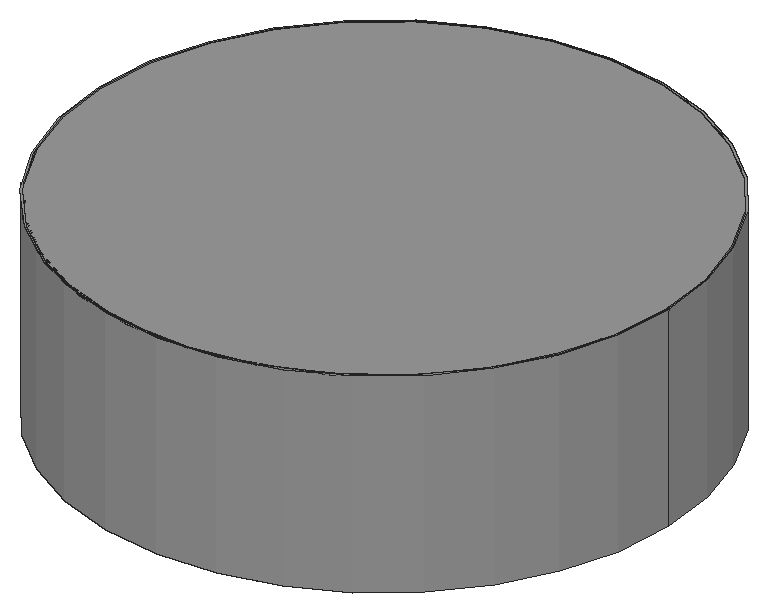
Revit family "Artemide_Tagora_Ceiling_570", category Apparecchi per illuminazione, Revit 2018
Family settings
  Quota connettore circolare = Usa diametro
  Tipo di parte = Normale
  Basato su piano di lavoro = Sì
  Sempre verticale = Sì
  Taglio con vuoti quando caricato = No
  Sorgente d'illuminazione = Sì
  Condiviso = No
  Punto di calcolo locali = No
Parameters
  Wattage = 58 W
  built-in parameter 1150110 = 1 (stored number, unit not read)
  Voltage = "-"
  built-in parameter 1114217 = 1 (stored number, unit not read)
  Tilt Angle = 90.00°
  built-in parameter 1150109 = 1 (stored number, unit not read)
  built-in parameter 1150134 = 12
  built-in parameter 1150113 = 1 (stored number, unit not read)
  Radius_InternalCylinder = Radius_ExternalCyilinder - 2 mm  # 283 mm
  Radius_ExternalCyilinder = 285 mm
  Product Range = "Tagora"
  File diagramma fotometrico = "M248321.IES"
  Max Height from ceiling = 0 mm
  M_HousingCylinder = Artemide_Aluminum_Beige
  M_Housing = Artemide_Aluminum_White
  M_Diffuser = Artemide_Glass_LightBulb
  built-in parameter 1150105 = 303.98 (stored number, unit not read)
  Lumens = 3819.88 lm
  built-in parameter 1150115 = 1 (stored number, unit not read)
  built-in parameter 1150137 = (empty or 0)
  built-in parameter 1150139 = (empty or 0)
  built-in parameter 1150112 = 1 (stored number, unit not read)
  built-in parameter 1150114 = 1 (stored number, unit not read)
  built-in parameter 1150132 = (empty or 0)
  built-in parameter 1150102 = (empty or 0)
  built-in parameter 1150107 = 4000 (stored number, unit not read)
  built-in parameter 1150138 = (empty or 0)
  built-in parameter 1150106 = 3.0398 (stored number, unit not read)
  IfcExportType = "NOT DEFINED"  # constant formula
  IfcExportAs = "IfcLightFixtureType"  # constant formula
  Weekly = "-"
  Warranty ID = "https://cloud.artemide.com/5-years-warranty"
  Upward Component  = 0
  Unified Glare Rating  = "-"
  Uniclass 2015 = "Pr_70_70_48"  # constant formula
  URL to O&M Manual = "https://www.artemide.com/contents/documenti/prodotto/tagora_soffitto_570_instructions2492521.pdf"
  URL to Energy Technology List = "-"
  Total Power = 0
  Total Light Output  = 0
  Testing method = "-"
  Supply Phase = 0
  Suitable for Photocell Control = "-"
  Suitable for Motion Detector Control = "N"
  Suitable for Dimming  = "Y"
  Suitable Dimmer Type = "DALI"
  Standards = "-"
  Shipping Weight = 0
  Service life  = "-"
  Secondary Rated Lamp Life = 0
  Secondary Lamp Voltage = 0
  Secondary Lamp International Type Code = "-"
  Secondary Lamp Initial Lumens  = 0
  Secondary Lamp Included = "-"
  Secondary Lamp Efficacy = 0
  Secondary Lamp Colour Temperature = 0
  Secondary Lamp Colour Rendering Index = 0
  Secondary Lamp Cap = "-"
  Secondary Lamp = "-"
  Responsible Sourcing of Materials = "-"
  Responsible Extraction of Materials = "-"
  Rated Lamp Life = 50000
  Quarterly = "-"
  Product Model Number = "M248321"
  Product Literature = "https://www.artemide.com/en/subfamily/1684770/tagora-ceiling-570"
  Primary Lamp Type = "LED"
  Power Supply Kit = "-"
  Power Factor = 0
  Photocell = "-"
  Overall Width = 0
  Overall Light Output Ratio = 0
  Overall Length = 570
  Overall Height = 190
  Output Lumens Indirect light = 0
  Output Lumens Direct light = 3820
  Number of Secondary Lamps = 0
  Number of Primary Lamps = 1
  Number of Poles = 0
  Motion Sensor = "-"
  Motion Detector = "-"
  Monthly = "-"
  Minimum Operating Temperature = 0
  Maximum Operating Temperature = 0
  Material Ingredient Reporting = "-"
  Manufacturer Website = "https://www.artemide.com"
  Produttore = "Artemide"
  Maintenance Required: 8001-12000hrs  = "-"
  Maintenance Required: 601-1000hrs = "-"
  Maintenance Required: 4001-8000hrs  = "-"
  Maintenance Required: 301-600hrs  = "-"
  Maintenance Required: 2001-4000hrs  = "-"
  Maintenance Required: 1001-2000hrs  = "-"
  Maintenance Required: 0-300hrs  = "-"
  Luminance at 65deg Angle = 0
  Luminaire Type = "Ceiling lamp"
  Luminaire Maintenance Factor = 0
  Luminaire Cleaning Interval  = "-"
  Louvre/Lens = "-"
  Location of Manufacturer = "-"
  Light Output Pattern = "-"
  Light Fixture Mounting Type = "Ceiling"
  Life Cycle Analysis = "-"
  Lamp Survival Factor = "-"
  Lamp Replacement Interval = "-"
  Lamp Included = "Y"
  Lamp Cap = "LED Integrated"
  LED lifetime = 50000
  LED Maintained Colour Variation         = 0
  LED Initial Colour Variation                      = 0
  International Type Code = "-"
  Intended Market = "Unset"
  Integral Fuse or Circuit Protection  = "-"
  Integral Emergency Lighting Battery Type = "-"
  Input Lumens Indirect light = 0
  Input Lumens Direct light = 8880
  Initial Lumens = 3820
  Infills = "-"
  IP Rating = "IP20"
  IK Rating = "-"
  IES Files  = "https://www.artemide.com/product/downloadFile/1687460/ieseu/4887894"
  Housing Material = "Aluminium"
  Housing Finish  = "Painted"
  Housing Colour  = "Beige/White"
  Hazardous Area Protection Type = "-"
  Hazardous Area Category = "-"
  Gross Weight = 4.8
  Green Guide for Specification = "-"
  Frequency  = 0
  Fixings = "-"
  Fire Shroud = "-"
  Fire Rating Duration = 0
  Fire Rated Temperature = 0
  Fire Rated = "-"
  Features = "Any additional components/accessories included in this file are required to complete the product/configuration and must be ordered separately.Please check the catalogue/dedicated brochure for more information"
  Face Width = 0
  Face Shape = "Cylindrical"
  Face Length = 0
  External Control Line Voltage = 0
  Expected Life = "-"
  Environmental Product Declaration = "-"
  End Caps/Transition Caps/Joints = "-"
  Emetti da diametro cerchio = 475 mm
  Rendi la forma visibile nel rendering = no
  Emergency light output percentage = 0
  Emergency Lighting Battery = "-"
  Emergency Charging Power       = 0
  Emergency = "N"
  Embodied Carbon  = 0
  Efficiency = 43
  built-in parameter 1150104 = 6.1186 (stored number, unit not read)
  Earth Point  = "-"
  ENEC Certification of European conformity = "N"
  Duration of Integral Emergency Lighting  = 0
  Drive Current                                          = 0
  Downward Component = 0
  Distance_HeightLamp = 194.5 mm
  Variazione temperatura colore lampada con luminosità attenuata = <Nessuno>
  Diffusing screen = "-"
  Designed by = "S./R. Cornelissen"
  Default Elevation = 1219.2 mm
  Daylight Sensor = "-"
  Daily = "-"
  Cut Out Width = 0
  Cut Out Length = 0
  Current  = 0
  Control Gear Type = "-"
  Control Gear Standby Power  = 0
  Control Gear Required = "-"
  Control Gear Location = "-"
  Column = "-"
  Colour Temperature = 4000
  Colour Rendering Index = 80
  Filtro dei colori = 16777215
  CE Approval = "Y"
  Bespoke Timeframe = "-"
  Beam Angle Transverse Axis  = 0.00°
  Beam Angle Longditudinal Axis  = 0.00°
  Basis of lifetime luminaire failures        = 0
  Basis of lifetime lumen depreciation   = 0
  built-in parameter 1114218 = 1 (stored number, unit not read)
  built-in parameter 1150133 = 10 (stored number, unit not read)
  Application Environment = "Internal"
  Annually = "-"
  Ambient Temperature                             = 0
  Air Handling = "-"
  Access Clearance Top = 0
  Access Clearance Right = 0
  Access Clearance Rear = 0
  Access Clearance Left = 0
  Access Clearance Front = 0
  Access Clearance Bottom = 0
  6 Monthly = "-"
Reference planes
  plane 1 "Center (Front/Back)": y = 0
  plane 2 "Top Lamp": z = 0
  plane 3 "Center (Left/Right)": x = 0
  plane 4: z = -96.5
  plane 5 "Bottom Lamp": z = -194.5
  plane 6 "Light": z = -83.813
  plane 7: z = -1.5
  plane 8: z = -99.5
Forms (mm)
  Extrusion 1, solid, material "Artemide_Aluminum_Beige" <- "M_HousingCylinder"
    sketch origin (0, 0, 0) x (1, 0, 0) y (0, 1, 0)
      loop
        circle (0, 0) r 285
      loop
        circle (0, 0) r 283
    from -194.5 to 0
  Extrusion 2, solid, material "Artemide_Aluminum_Beige" <- "M_HousingCylinder"
    sketch origin (0, 0, 0) x (1, 0, 0) y (0, 1, 0)
      loop
        circle (0, 0) r 283
    from -1.5 to 0
  Revolve 3, solid, material "Artemide_Aluminum_White" <- "M_Housing"
    sketch origin (0, 0, 0) x (1, 0, 0) y (0, 0, 1)
      loop
        line (-238.112, -96.5) -> (-283, -194.5) -> (-281.235, -194.5) -> (-236.347, -96.5) -> (-238.112, -96.5)
      axis (0, -96.5) -> (0, -194.5)
    angle from 0 to 360
  Revolve 4, solid, material "Artemide_Glass_LightBulb" <- "M_Diffuser"
    sketch origin (0, 0, 0) x (1, 0, 0) y (0, 0, 1)
      loop
        line (0, -96.5) -> (-236.347, -96.5) -> (-236.347, -99.5) -> (0, -99.5) -> (0, -96.5)
      axis (0, -96.5) -> (0, -99.5)
    angle from 0 to 360
Dimensions and locks
  locked: level to plane 7 at 1.5
  "Distance_HeightLamp": plane 2 "Top Lamp" to plane 5 "Bottom Lamp"
  plane 4 to plane 8 to plane 5 "Bottom Lamp" = 3 mm locked, 95 mm locked
  locked: imposter light to plane 4 at 12.687
  "Radius_ExternalCyilinder": radius of Extrusion 1 sketch curve
  "Radius_InternalCylinder": radius of Extrusion 1 sketch curve
  "Radius_InternalCylinder": radius of Extrusion 2 sketch curve
  aligned and locked: level to plane 2 "Top Lamp"
  aligned and locked: plane 6 "Light" to imposter light
  aligned and locked: plane 3 "Center (Left/Right)" to imposter light
  aligned and locked: imposter light to plane 1 "Center (Front/Back)"
  aligned and locked: plane 3 "Center (Left/Right)" to Extrusion 1 sketch curve  (x2)
  aligned and locked: plane 1 "Center (Front/Back)" to Extrusion 1 sketch curve  (x2)
  aligned and locked: plane 2 "Top Lamp" to Extrusion 1
  aligned and locked: plane 3 "Center (Left/Right)" to Extrusion 2 sketch curve
  aligned and locked: plane 1 "Center (Front/Back)" to Extrusion 2 sketch curve
  aligned and locked: plane 2 "Top Lamp" to Extrusion 2
  aligned and locked: Extrusion 2 to plane 7
  aligned and locked: Revolve 3 sketch curve to plane 3 "Center (Left/Right)"
  aligned and locked: plane 4 to Revolve 4 sketch curve
  aligned and locked: Revolve 4 sketch curve to plane 8
  aligned and locked: Revolve 4 sketch curve to plane 3 "Center (Left/Right)"
  aligned and locked: Revolve 3 sketch curve to plane 4
  aligned and locked: Extrusion 1 to plane 5 "Bottom Lamp"
  aligned and locked: Extrusion 1 to Revolve 3 sketch curve
Automatic sketch dimensions
  Revolve 3 sketch curve to plane 3 "Center (Left/Right)" = 236.347 mm
  Revolve 3 sketch curve to Revolve 3 sketch curve = 1.765 mm  (x2)
  Revolve 3 sketch curve to Revolve 3 sketch curve = 43.123 mm
  Revolve 3 sketch curve to plane 5 "Bottom Lamp" = 1345.919 mm
  level to Revolve 3 sketch curve = 2214.315 mm
  Revolve 4 sketch curve to plane 3 "Center (Left/Right)" = 0 mm
  Revolve 4 sketch curve to plane 3 "Center (Left/Right)" = 236.347 mm
  Revolve 4 sketch curve to plane 5 "Bottom Lamp" = 1345.919 mm
  level to Revolve 4 sketch curve = 2214.315 mm
